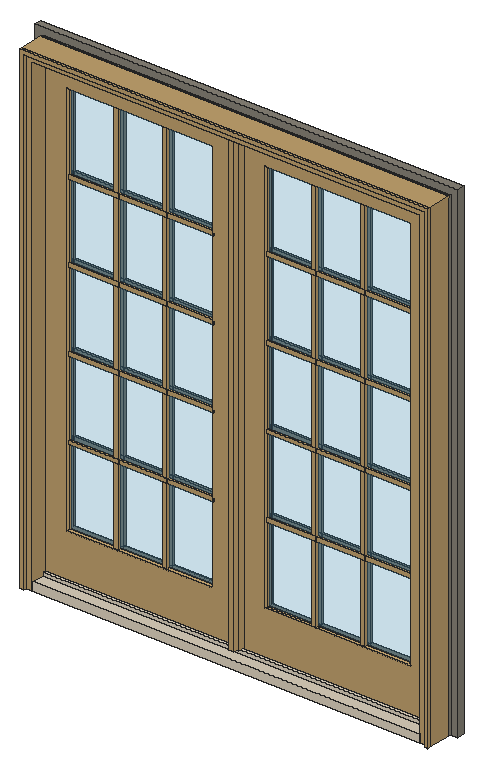
Revit family (continued)
Definition of nested family "Door_Plan_Detail"
  Dimensions and locks (in)
    aligned and locked: nested 6 to plane 1 "Center (Front/Back)"
    aligned and locked: nested 5 to plane 1 "Center (Front/Back)"
    aligned and locked: Masking region 2 sketch curve to plane 7 "Left"
    aligned and locked: plane 4 to nested 7
    aligned and locked: nested 8 to plane 4
    aligned and locked: nested 9 to plane 5
    aligned and locked: nested 9 to plane 4
    aligned and locked: nested 8 to plane 8
    aligned and locked: nested 7 to plane 5
  Automatic sketch dimensions
    Masking region 1 sketch curve to plane 3 = 0' - 0"
  Nested families (in)
    nested 1: "Jamb_Detail" at (-17.9375, 0, 0) x (-1, 0, 0) z (0, 0, 1), type "Jamb_Detail", in view "Ref. Level", detail levels fine
    nested 2: "BMC_Detail" at (-17.9375, 0, 0) x (0, -1, 0) z (0, 0, 1), visible <- "BMC", type "BMC_Detail", in view "Ref. Level", detail levels fine
    nested 3: "Flat_Casing_Detail" at (-17.9375, 0, 0) x (0, -1, 0) z (0, 0, 1), visible <- "Flat Casing", type "Flat_Casing_Detail", in view "Ref. Level", detail levels fine
    nested 4: "Jamb_Detail" at (-90.5625, 0, 0), type "Jamb_Detail", in view "Ref. Level", detail levels fine
    nested 5: "BMC_Detail" at (-90.5625, 0, 0) x (0, -1, 0) z (0, 0, 1), visible <- "BMC", type "BMC_Detail", in view "Ref. Level", detail levels fine
    nested 6: "Flat_Casing_Detail" at (-90.5625, 0, 0) x (0, -1, 0) z (0, 0, 1), visible <- "Flat Casing", type "Flat_Casing_Detail", in view "Ref. Level", detail levels fine
    nested 7: "Panel_Swing_Detail" at (0, 0, 0), visible <- "P1_LH", Swing Angle <- "P1_LH Swing", Mtg Stile <- "P1_LH Astragal", type "Door_Plan_Detail", in view "Ref. Level"
      with Swing Visibility yes, Swing Constraint 90.00°, Swing Angle 90.00°, Mtg Stile no
    nested 8: "Panel_Swing_Detail" at (-108.5, 0, 0) x (-1, 0, 0) z (0, 0, 1), Swing Angle <- "P2_Swing", Mtg Stile <- "P2_RH Astragal", type "Door_Plan_Detail", in view "Ref. Level"
      with Swing Visibility yes, Swing Constraint 90.00°, Swing Angle 90.00°, Mtg Stile yes
    nested 9: "Panel_Swing_Detail" at (-73.3125, 0, 0) x (-1, 0, 0) z (0, 0, 1), visible <- "P1_RH", Swing Angle <- "P1_RH Swing", type "Door_Plan_Detail", in view "Ref. Level"
      with Swing Visibility yes, Swing Constraint 90.00°, Swing Angle 90.00°, Mtg Stile no
  Definition of nested family "Jamb_Detail"
    Parameters (values of type "Jamb_Detail")
      Flange = no
      Assembly Code = ""
    Reference planes (in)
      plane 1 "Center (Front/Back)": y = 0
      plane 2: z = 0
      plane 3 "Center (Left/Right)": x = 0
    Lines and regions (in)
      Masking region 1, in view "Ref. Level"
        outline origin (0, 0, 0) x (1, 0, 0) y (0, 1, 0)
          loop
            line (0, 1.09375) -> (0, -4.5625) -> (1.75053, -4.5625) -> (1.75053, -1.76821) -> (1.06374, -1.76821) -> (1.06374, -0.18631) -> (0.93767, -0.18631) -> (0.93767, 0.3871) -> (0.67848, 0.3871) -> (0.67848, 1.09375) -> (0, 1.09375)
      detail lines, style "Cut Lines", in view "Ref. Level", visible <- "Flange"
        curve 1: line (0, 0.045, 0) -> (-1.49897, 0.045, 0)
        curve 2: line (-0.155, 0, 0) -> (-1.49897, 0, 0)
        curve 3: line (-0.155, 0, 0) -> (-0.155, -0.11, 0)
        curve 4: line (0, -0.11, 0) -> (-0.155, -0.11, 0)
        curve 5: line (-1.49897, 0, 0) -> (-1.49897, 0.045, 0)
  Definition of nested family "BMC_Detail"
    Parameters (values of type "BMC_Detail")
      Assembly Code = ""
    Reference planes (in)
      plane 1 "Center (Front/Back)": y = 0
      plane 2: z = 0
      plane 3 "Center (Left/Right)": x = 0
    Lines and regions (in)
      detail lines, style "Cut Lines", in view "Ref. Level"
        curve 1: line (-1.25, 0.71589, 0) -> (-1.25, 1.3125, 0)
        curve 2: line (-1.25, 1.3125, 0) -> (0, 1.3125, 0)
        curve 3: line (0, 0, 0) -> (-1.09375, 0, 0)
        curve 4: line (-1.09375, 0, 0) -> (-1.09375, 0.38081, 0)
        curve 5: line (-1.09375, 0.38081, 0) -> (-1.25, 0.71589, 0)
        curve 6: line (0, 0, 0) -> (0, 1.3125, 0)
  Definition of nested family "Flat_Casing_Detail"
    Parameters (values of type "Flat_Casing_Detail")
      Assembly Code = ""
    Reference planes (in)
      plane 1 "Center (Front/Back)": y = 0
      plane 2: z = 0
      plane 3 "Center (Left/Right)": x = 0
    Lines and regions (in)
      detail lines, style "Cut Lines", in view "Ref. Level"
        curve 1: line (-1.09375, 3, 0) -> (0, 3, 0)
        curve 2: line (0, 0, 0) -> (-1.09375, 0, 0)
        curve 3: line (-1.09375, 0, 0) -> (-1.09375, 3, 0)
        curve 4: line (0, 0, 0) -> (0, 3, 0)
  Definition of nested family "Panel_Swing_Detail"
    Parameters (values of type "Door_Plan_Detail")
      Swing Visibility [instance] = not(Swing Angle = 0.00°)  # yes
      Swing Constraint [instance] = if(Swing Angle = 0.00°, 1.00°, Swing Angle)  # 90.00°
      Swing Angle [instance] = 90.00°
      Panel Width = 2' - 11 1/16"
      Mtg Stile [instance] = yes
      Assembly Code = ""
    Reference planes (in)
      plane 1: z = 0
      plane 2: y = 0.09375
      plane 3: x = -19.125
      plane 4: x = -54.1875
    Lines and regions (in)
      reference lines, in view "Ref. Level"
        curve 1: line (-19.125, 0.09375, 0) -> (-19.125, 35.15625, 0)
      detail lines, in view "Ref. Level", visible <- "Swing Visibility"
        curve 2: arc (-19.125, 35.15625, 0) -> (-43.91793, 24.88668, 0) -> (-54.1875, 0.09375, 0) r 35.0625
      detail lines, style "InvisibleLines", in view "Ref. Level", not visible, detail levels coarse
        curve 3: line (-19.125, 0.09375, 0) -> (-19.125, 35.15625, 0)
    Dimensions and locks (in)
      "Panel Width": curve 1 to curve 1
      "Panel Width": plane 4 to plane 3
      "Panel Width": curve 1 to curve 3
      "Swing Angle": angle nested 1 to plane 2
      "Swing Constraint": angle curve 1 to plane 2
      aligned and locked: plane 2 to curve 1
      aligned and locked: plane 3 to curve 1
      aligned and locked: plane 3 to curve 2
      aligned and locked: plane 2 to curve 2
      aligned and locked: curve 3 to curve 1
    Automatic sketch dimensions
      curve 3 to plane 2 = 0' - 0"
    Nested families (in)
      nested 1: "Panel_Detail" at (-19.125, 0.09375, 0) x (0, -1, 0) z (0, 0, 1), Mtg Stile <- "Mtg Stile", type "Panel_Detail", in view "Ref. Level"
    Definition of nested family "Panel_Detail"
      Parameters (values of type "Panel_Detail")
        Panel Width = 2' - 11 1/16"
        Mtg Stile [instance] = yes
        Assembly Code = ""
      Reference planes (in)
        plane 1 "Center (Front/Back)": y = 0
        plane 2: z = 0
        plane 3 "Right": x = 0
        plane 4 "Left": x = -35.0625
      Lines and regions (in)
        Masking region 1, in view "Ref. Level", detail levels coarse+medium
          outline origin (0, 0, 0) x (1, 0, 0) y (0, 1, 0)
            loop
              line (-35.0625, 0) -> (-35.0625, -1.75) -> (0, -1.75) -> (0, 0) -> (-35.0625, 0)
        detail lines, style "Cut Lines", in view "Ref. Level", detail levels fine
          curve 1: line (-30.97475, -0.48141, 0) -> (-4.08775, -0.48141, 0)
          curve 2: line (-30.97475, -0.60641, 0) -> (-4.08775, -0.60641, 0)
          curve 3: line (-30.97475, -1.10641, 0) -> (-4.08775, -1.10641, 0)
          curve 4: line (-30.97475, -1.23141, 0) -> (-4.08775, -1.23141, 0)
      Dimensions and locks (in)
        "Panel Width": plane 4 "Left" to plane 3 "Right"
        locked: Masking region 1 sketch curve to plane 1 "Center (Front/Back)" at 1.75
        locked: nested 3 to plane 1 "Center (Front/Back)" at 1.75
        aligned and locked: nested 2 to plane 1 "Center (Front/Back)"
        aligned and locked: plane 1 "Center (Front/Back)" to nested 1
        aligned and locked: nested 2 to plane 4 "Left"
        aligned and locked: plane 3 "Right" to nested 1
        aligned and locked: curve 3 to nested 2
        aligned and locked: curve 1 to nested 1
        aligned and locked: curve 2 to curve 1  (x2)
        aligned and locked: curve 2 to nested 2
        aligned and locked: curve 3 to curve 1  (x2)
        aligned and locked: curve 4 to curve 1  (x2)
        aligned and locked: plane 1 "Center (Front/Back)" to Masking region 1 sketch curve
        aligned and locked: Masking region 1 sketch curve to plane 4 "Left"
        aligned and locked: Masking region 1 sketch curve to plane 3 "Right"
        aligned and locked: plane 4 "Left" to nested 3
      Automatic sketch dimensions
        curve 2 to curve 1 = 0' - 0"
        curve 3 to curve 2 = 0' - 0 1/2"
        curve 4 to curve 3 = 0' - 0 1/8"
        curve 2 to curve 1 = 0' - 0 1/8"
      Nested families (in)
        nested 1: "Stile_Detail" at (0, 0, 0), type "Stile_Detail", in view "Ref. Level", detail levels fine
        nested 2: "Stile_Detail" at (-35.0625, 0, 0) x (-1, 0, 0) z (0, 0, 1), type "Stile_Detail", in view "Ref. Level", detail levels fine
        nested 3: "Mtg_Stile_Detail" at (-35.0625, -1.75, 0), visible <- "Mtg Stile", type "Stile_Detail", in view "Ref. Level", detail levels fine
      Definition of nested family "Stile_Detail"
        Parameters (values of type "Stile_Detail")
          Assembly Code = ""
        Reference planes (in)
          plane 1 "Center (Front/Back)": y = 0
          plane 2: z = 0
          plane 3 "Center (Left/Right)": x = 0
        Lines and regions (in)
          Masking region 1, in view "Ref. Level"
            outline origin (0, 0, 0) x (1, 0, 0) y (0, 1, 0)
              loop
                line (0, -1.75) -> (0, 0) -> (-4.54196, 0) -> (-4.54196, -0.17227) -> (-4.75, -0.38031) -> (-4.75, -0.4375) -> (-4.02516, -0.4375) -> (-4.02516, -1.26261) -> (-4.75, -1.26261) -> (-4.75, -1.40858) -> (-4.55291, -1.75) -> (0, -1.75)
          detail lines, style "Cut Lines", in view "Ref. Level"
            curve 1: line (-4.08775, -0.48141, 0) -> (-4.08775, -0.60641, 0)
            curve 2: line (-4.21275, -1.10641, 0) -> (-4.21275, -0.60641, 0)
            curve 3: line (-4.46275, -1.10641, 0) -> (-4.46275, -0.60641, 0)
            curve 4: line (-4.08775, -1.10641, 0) -> (-4.08775, -1.23141, 0)
      Definition of nested family "Mtg_Stile_Detail"
        Parameters (values of type "Stile_Detail")
          Assembly Code = ""
        Reference planes (in)
          plane 1 "Center (Front/Back)": y = 0
          plane 2: z = 0
          plane 3 "Center (Left/Right)": x = 0
        Lines and regions (in)
          Masking region 1, in view "Ref. Level"
            outline origin (0, 0, 0) x (0, 1, 0) y (-1, 0, 0)
              loop
                line (0, 0.71385) -> (0, -1.07915) -> (0.9773, -0.97643) -> (1.15549, -0.73983) -> (1.594, -0.62233) -> (1.594, 0.25704) -> (1.13979, 0.37874) -> (0.9637, 0.61256) -> (0, 0.71385)
Definition of nested family "Label Annotation 1-16 w5"
  Parameters
    Label = ""
    Egress Info = "EGRESS WDW"
    Description = "3664 FIXED"
  Reference planes (in)
    plane 1: y = 0
    plane 2: x = 0
  Text (in)
    label "Description" at (0.00375, -0.00345, 0), shows "Description"
